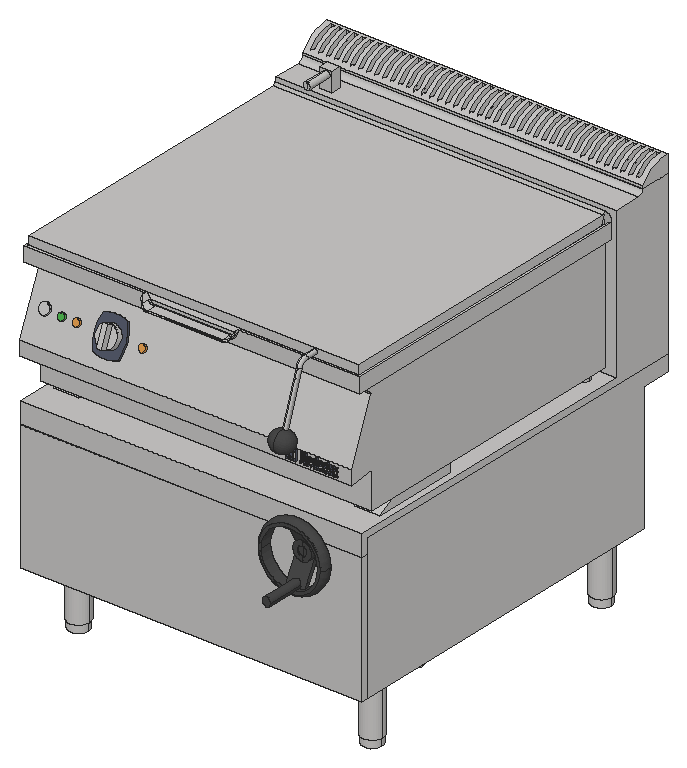
Revit family "QF_ELECTROLUXPROFESSIONAL_391597_E9PPBTBAMEI", category Attrezzature speciali, Revit 2021
Family settings
  Quota connettore circolare = Usa diametro
  Tipo di parte = Normale
  Basato su piano di lavoro = No
  Sempre verticale = Sì
  Taglio con vuoti quando caricato = No
  Condiviso = No
  Punto di calcolo locali = No
Parameters (values of type "Standard")
  Weight = 150.00 kg
  Watts = 100 W
  Volts = 220 V
  URL Manufacturer = "https://www.electroluxprofessional.com/"
  URL = "https://www.electroluxprofessional.com/"
  Steam Supply Size = 0"
  Steam Supply Minimum Pressure = 0.00 psi
  Steam Supply Maximum Pressure = 0.00 psi
  Steam Consumption per Hour = 0
  Show Logo [instance] = yes
  Show Clearance [instance] = yes
  Refrigeration Suction Line Size = 0 mm
  Refrigeration Liquid Line Size = 0 mm
  Refrigerant Compressor Remote = yes
  Prospetto di default = 0 mm
  Phase = 1
  Modello = "E9PPBTBAMEI"
  Produttore = "Electrolux Professional"
  Length Actual = 800 mm  # constant formula
  Item Number = "391597"
  Hot Water Size = 0"
  Height Actual = 850 mm  # constant formula
  HP = "0.1 HP"
  Gas Size = 1/2"
  Gas KW = 21
  Gas Input Pressure = 0.703736 Btu/h
  Direct Waste Size = 0"
  Descrizione = "80LT GAS BRATT PAN DUOMAT BOTTOM-60HZ - QMARK"
  Depth Actual = 930 mm  # constant formula
  Cycle = 60 Hz
  Condensate Return Size = 0"
  Compressed Air Volume = 0 GPM
  Compressed Air Size = 0"
  Compressed Air Pressure = 0.00 psi
  Cold Water Size = 3/4"
  Assembly Code = ""
  Accessory = yes
Reference planes
  plane 1 "BACK": y = 0
  plane 2: z = 0
  plane 3 "LEFT": x = 0
  plane 4 "RIGHT": x = 800
  plane 5 "FRONT": y = -915
  plane 6 "TOP": z = 908
  plane 7 "Center Y": x = 400
  plane 8 "Center X": y = -457.5
  plane 9 "Base": z = 149
  plane 10: z = 502.193
  plane 11: z = 1653
  plane 12: y = -125
  plane 13: y = -799
  plane 14: y = -1034
  plane 15: x = 55
  plane 16: y = -160.853
  plane 17: x = 745
  plane 18: y = -1014
  plane 19: y = -899.182
  plane 20: x = 786
  plane 21: z = 850
  plane 22 "Connection": z = 182
  plane 23: y = -706
  plane 24: x = 265
  plane 25: x = 105
  plane 26: x = 195
  plane 27 "Fume": z = 866.248
Forms (mm)
  Revolve 1, solid, material "QF_Finishes_Stainless Steel"
    sketch origin (0, -125, 0) x (1, 0, 0) y (0, 0, 1)
      loop
        line (55, 0) -> (55, 149) -> (29.6, 149) -> (29.6, 19.05) -> (32.1, 19.05) -> (32.1, 0) -> (55, 0)
      axis (55, 0) -> (55, 149)
    angle from 0 to 360
  Revolve 2, solid, material "QF_Finishes_Stainless Steel"
    sketch origin (0, -799, 0) x (1, 0, 0) y (0, 0, 1)
      loop
        line (55, 0) -> (55, 149) -> (29.6, 149) -> (29.6, 19.05) -> (32.1, 19.05) -> (32.1, 0) -> (55, 0)
      axis (55, 0) -> (55, 149)
    angle from 0 to 360
  Extrusion 3, solid, material "QF_Finishes_Stainless Steel"
    sketch origin (0, -214.682, 0) x (0, 1, 0) y (0, 0, 1)
      loop
        line (214.682, 487.193) -> (214.682, 866.248) -> (143.055, 866.248)
        arc (143.055, 866.248) -> (139.432, 857.502) -> (130.686, 853.88) r 12.368
        line (130.686, 853.88) -> (64.682, 853.88) -> (64.682, 502.193) -> (-684.5, 502.193) -> (-684.5, 452.193) -> (-669.5, 452.193) -> (-669.5, 487.193) -> (214.682, 487.193)
      loop
        line (-669.5, 149) -> (-669.5, 451.193) -> (-684.5, 451.193) -> (-684.5, 149) -> (-669.5, 149)
    from 0 to 800
  Extrusion 4, solid, material "QF_Finishes_Stainless Steel"
    sketch origin (0, -214.682, 0) x (0, 1, 0) y (0, 0, 1)
      loop
        line (44.029, 528.406) -> (44.029, 817.127) -> (-678.5, 817.127) -> (-678.5, 809.681) -> (-643.264, 774.446) -> (-700.318, 641.094) -> (-700.318, 606.094) -> (-640.765, 613.406) -> (-640.765, 528.406) -> (44.029, 528.406)
    from 10 to 790
  Sweep 5, solid, material "QF_Finishes_Stainless Steel"
    path origin (0, -204.882, 145) x (-1, 0, 0) y (0, -1, 0)
      loop
        line (-290, 694.3) -> (-5, 694.3) -> (-5, -44.029) -> (-795, -44.029) -> (-795, 694.3) -> (-510, 694.3)
    profile origin (652.5, -899.182, 145) x (0, -1, 0) y (0, 0, 1)
      loop
        line (-5, 651.359) -> (0, 651.359) -> (0, 685.301) -> (-6, 685.301) -> (-6, 681.062) -> (-5, 681.062) -> (-5, 651.359)
  Extrusion 6, solid, material "QF_Finishes_Stainless Steel"
    sketch origin (0, -214.682, -5) x (0, 1, 0) y (0, 0, 1)
      loop
        line (33.715, 835.301) -> (42.572, 855) -> (-677.138, 855) -> (-677.138, 835.301) -> (33.715, 835.301)
      loop
        arc (64.305, 837.022) -> (57.071, 850.749) -> (45.92, 861.539) r 49.182
        line (45.92, 861.539) -> (39.069, 846.301) -> (45.904, 846.301) -> (45.904, 832.604) -> (64.305, 814.204) -> (64.305, 837.022)
    from 12.363 to 787.637
  Extrusion 7, solid, material "QF_Finishes_Stainless Steel"
    sketch origin (0, -214.682, 0) x (0, 1, 0) y (0, 0, 1)
      loop
        line (-403.818, 528.406) -> (-556.057, 528.406) -> (-609.801, 502.193) -> (-403.818, 502.193) -> (-403.818, 528.406)
    from 16.63 to 76.513
  Extrusion 8, solid, material "QF_Finishes_Stainless Steel"
    sketch origin (0, -207.182, 150) x (-1, 0, 0) y (0, -1, 0)
      loop
        circle (-46.571, -17.496) r 15
      loop
        circle (-753.429, -17.496) r 15
    from 352.193 to 383.406
  Extrusion 9, solid, material "QF_Finishes_Stainless Steel"
    sketch origin (0, -64.682, 0) x (0, 1, 0) y (0, 0, 1)
      loop
        line (-43.387, 853.88) -> (-43.387, 898) -> (-67.444, 898) -> (-67.444, 853.88) -> (-43.387, 853.88)
    from 87.469 to 116.843
  Revolve 10, solid, material "QF_Finishes_Stainless Steel"
    sketch origin (103.25, -64.682, -10) x (0, 1, 0) y (0, 0, 1)
      loop
        line (-67.444, 898.097) -> (-67.444, 906.222) -> (-123.629, 906.222) -> (-123.629, 898.097) -> (-67.444, 898.097)
      axis (-123.629, 898.097) -> (-67.444, 898.097)
    angle from 0 to 360
  Extrusion 11, solid, material "QF_Clearances", visible <- "Show Clearance", detail levels coarse
    sketch origin (0, -214.682, 0) x (1, 0, 0) y (0, 1, 0)
      loop
        line (800, 214.682) -> (800, -700.318) -> (850, -700.318) -> (850, 264.682) -> (-50, 264.682) -> (-50, -700.318) -> (0, -700.318) -> (0, 214.682) -> (800, 214.682)
    from 0 to 908
  Extrusion 12, solid, material "QF_Finishes_Stainless Steel"
    sketch origin (800, 0, 0) x (0, 1, 0) y (0, 0, 1)
      loop
        line (-884.182, 149) -> (-69, 149) -> (-69, 448) -> (0, 448) -> (0, 487.193) -> (-884.182, 487.193) -> (-884.182, 149)
    from 0 to -800
  Revolve 13, solid, material "QF_Finishes_Stainless Steel"
    sketch origin (1000, -125, 0) x (-1, 0, 0) y (0, 0, -1)
      loop
        line (255, 0) -> (232.1, 0) -> (232.1, -19.05) -> (229.6, -19.05) -> (229.6, -149) -> (255, -149) -> (255, 0)
      axis (255, 0) -> (255, -149)
    angle from 0 to 360
  Revolve 14, solid, material "QF_Finishes_Stainless Steel"
    sketch origin (1000, -799, 0) x (-1, 0, 0) y (0, 0, -1)
      loop
        line (255, 0) -> (232.1, 0) -> (232.1, -19.05) -> (229.6, -19.05) -> (229.6, -149) -> (255, -149) -> (255, 0)
      axis (255, 0) -> (255, -149)
    angle from 0 to 360
  Sweep 15, solid, material "QF_Finishes_Stainless Steel"
    path origin (8.84, -214.682, -10) x (0, 1, 0) y (0, 0, 1)
      loop
        line (-677.138, 852.831) -> (-705.492, 852.831)
        arc (-705.492, 852.831) -> (-716.963, 849.214) -> (-724.286, 839.672) r 20
        line (-724.286, 839.672) -> (-765.322, 726.924)
    profile origin (8.84, -905.997, 842.831) x (0, 0, -1) y (1, 0, 0)
      loop
        circle (0, 676.16) r 5
  Revolve 16, solid, material "QF_Finishes_Black"
    sketch origin (685, -194.682, 0) x (0, 1, 0) y (0, 0, 1)
      loop
        line (-785.322, 716.924) -> (-792.738, 719.623)
        arc (-792.738, 719.623) -> (-818.978, 701.075) -> (-800.713, 674.638) r 22.845
        line (-800.713, 674.638) -> (-785.322, 716.924)
      axis (-785.322, 716.924) -> (-800.713, 674.638)
    angle from 0 to 360
  Extrusion 17, solid, material "QF_Finishes_Stainless Steel"
    sketch origin (800, -69, 149) x (-1, 0, 0) y (0, 1, 0)
      loop
        circle (14, -649.182) r 12.7
    from 0 to 5
  Extrusion 18, solid, material "QF_Finishes_Stainless Steel"
    sketch origin (-3.75, -899.182, 149) x (0, 0, 1) y (-1, 0, 0)
      loop
        circle (289.443, -688.75) r 30
    from 0 to 5
  Extrusion 19, solid, material "QF_Finishes_Stainless Steel"
    sketch origin (800, -214.682, 0) x (0, 1, 0) y (0, 0, -1)
      loop
        line (-403.818, -528.406) -> (-403.818, -502.193) -> (-609.801, -502.193) -> (-556.057, -528.406) -> (-403.818, -528.406)
    from 16.63 to 76.513
  Extrusion 20, solid, material "QF_Finishes_Stainless Steel"
    sketch origin (0, 0, 182) x (-1, 0, 0) y (0, -1, 0)
      loop
        circle (-105, 706) r 6.35
    from 0 to 45
  Extrusion 21, solid, material "QF_Finishes_Stainless Steel"
    sketch origin (21.213, 21.213, 182) x (-1, 0, 0) y (0, -1, 0)
      loop
        circle (-173.787, 719.213) r 6.35
    from 0 to 45
  Extrusion 22, solid, material "QF_Finishes_Stainless Steel"
    sketch origin (130, 0, 182) x (-1, 0, 0) y (0, -1, 0)
      loop
        circle (-135, 706) r 6.35
    from 0 to 45
  Revolve 23, solid, material "QF_Finishes_Black"
    sketch origin (685, -200.682, -28.57) x (0, 1, 0) y (0, 0, 1)
      loop
        line (-698.5, 467.193) -> (-698.5, 477.193) -> (-713.5, 477.193) -> (-713.5, 482.193) -> (-718.5, 482.193) -> (-718.5, 489.514) -> (-728.5, 489.514) -> (-728.5, 478.353) -> (-727.138, 478.353) -> (-727.138, 467.193) -> (-698.5, 467.193)
      axis (-698.5, 467.193) -> (-728.5, 467.193)
    angle from 0 to 360
  Sweep 24, solid, material "QF_Finishes_Black"
    path origin (10, -200.682, -28.57) x (1, 0, 0) y (0, 0, 1)
      loop
        circle (675, 467.193) r 80
    profile origin (685, -200.682, 518.623) x (0, 0, -1) y (0, -1, 0)
      loop
        arc (7.394, 765.784) -> (0.586, 756.102) -> (1.641, 744.313) r 17.21
        line (1.641, 744.313) -> (7.394, 740.784) -> (14.116, 740.784) -> (14.116, 765.784) -> (7.394, 765.784)
  Extrusion 25, solid, material "QF_Finishes_Black"
    sketch origin (10, -200.682, -28.57) x (0, 1, 0) y (0, 0, 1)
      loop
        line (-713.5, 457.193) -> (-713.5, 477.193) -> (-744.313, 533.065) -> (-751.622, 533.065) -> (-719.104, 474.103) -> (-719.104, 460.284) -> (-751.622, 401.321) -> (-744.313, 401.321) -> (-713.5, 457.193)
    from 654.029 to 698.392
  Extrusion 26, solid, material "QF_Finishes_Black"
    sketch origin (10, -200.682, -28.57) x (1, 0, 0) y (0, 0, 1)
      loop
        circle (675, 406.31) r 10
    from 742.86 to 833.318
  Extrusion 27, solid, material "QF_Finishes_Stainless Steel"
    sketch origin (0, -201.682, -15.905) x (1, 0, 0) y (0, 0, 1)
      loop
        line (509.996, 839.805) -> (509.996, 846.205) -> (502.677, 833.527)
        arc (502.677, 833.527) -> (496.674, 827.524) -> (488.474, 825.327) r 16.4
        line (488.474, 825.327) -> (311.526, 825.327)
        arc (311.526, 825.327) -> (303.32, 827.526) -> (297.312, 833.534) r 16.413
        line (297.312, 833.534) -> (289.996, 846.205) -> (289.996, 839.805) -> (294.541, 831.934)
        arc (294.541, 831.934) -> (301.72, 824.755) -> (311.526, 822.127) r 19.613
        line (311.526, 822.127) -> (488.474, 822.127)
        arc (488.474, 822.127) -> (498.274, 824.753) -> (505.448, 831.927) r 19.6
        line (505.448, 831.927) -> (509.996, 839.805)
    from 697.5 to 717.595
  Extrusion 28, void
    sketch origin (900, 188.397, 1219.2) x (0, -1, 0) y (0, 0, 1)
      loop
        line (1110.167, -415.736) -> (1110.167, -387.945) -> (1093.05, -387.945) -> (1110.167, -415.736)
    from 390 to 610
  Extrusion 29, solid, material "QF_Finishes_Navy Blue"
    sketch origin (-55.546, -1052.067, 320.727) x (0, 0.393353, 0.919387) y (-1, 0, 0)
      loop
        arc (453.989, -230.321) -> (416.907, -221.34) -> (379.375, -228.202) r 91.844
        arc (379.375, -228.202) -> (372.249, -258.844) -> (379.375, -289.487) r 69.441
        arc (379.375, -289.487) -> (416.897, -296.198) -> (453.989, -287.419) r 93.759
        arc (453.989, -287.419) -> (460.218, -258.87) -> (453.989, -230.321) r 68.543
    from 0 to 3.175
  Extrusion 30, solid, material "QF_Finishes_Orange"
    sketch origin (9.372, -901.482, 672.689) x (0, 0.393353, 0.919387) y (-1, 0, 0)
      loop
        circle (34.513, -113.251) r 8
    from 0 to 3.175
  Extrusion 31, solid, material "QF_Finishes_Green"
    sketch origin (14.068, -901.51, 672.624) x (0, 0.393353, 0.919387) y (-1, 0, 0)
      loop
        circle (34.513, -73.251) r 8
    from 0 to 3.175
  Extrusion 32, solid, material "QF_Finishes_Stainless Steel"
    sketch origin (-159.296, -918.156, 641.79) x (0, 0.393353, 0.919387) y (-1, 0, 0)
      loop
        circle (68.826, -362.213) r 25.4
    from 0 to 12.7
  Extrusion 33, solid, material "QF_Finishes_Stainless Steel"
    sketch origin (-159.296, -929.832, 646.786) x (0, 0.393353, 0.919387) y (-1, 0, 0)
      loop
        arc (93.558, -367.999) -> (94.226, -362.213) -> (93.558, -356.427) r 25.4
        line (93.558, -356.427) -> (44.094, -356.427)
        arc (44.094, -356.427) -> (43.426, -362.213) -> (44.094, -367.999) r 25.4
        line (44.094, -367.999) -> (93.558, -367.999)
    from 0 to 12.7
  Extrusion 34, solid, material "QF_Finishes_Stainless Steel"
    sketch origin (10.937, -915, 641.094) x (0, 0.393353, 0.919387) y (-1, 0, 0)
      loop
        circle (71.473, -36.635) r 12.7
    from 0 to 3.2
  Extrusion 35, solid, material "QF_Finishes_Orange"
    sketch origin (164.372, -901.482, 672.689) x (0, 0.393353, 0.919387) y (-1, 0, 0)
      loop
        circle (34.513, -113.251) r 8
    from 0 to 3.175
  Extrusion 36, solid, material "QF_Clearances", visible <- "Show Clearance", detail levels coarse
    sketch origin (0, -996.643, 709.193) x (0, 0.238373, -0.971174) y (0, 0.971174, 0.238373)
      loop
        line (33.715, 835.301) -> (42.572, 855) -> (-677.138, 855) -> (-677.138, 835.301) -> (33.715, 835.301)
      loop
        arc (64.305, 837.022) -> (57.071, 850.749) -> (45.92, 861.539) r 49.182
        line (45.92, 861.539) -> (39.069, 846.301) -> (45.904, 846.301) -> (45.904, 832.604) -> (64.305, 814.204) -> (64.305, 837.022)
    from 12.363 to 787.637
  Sweep 37, solid, material "QF_Clearances", visible <- "Show Clearance", detail levels coarse
    path origin (8.84, -1001.499, 708.002) x (0, 0.238373, -0.971174) y (0, 0.971174, 0.238373)
      loop
        line (-677.138, 852.831) -> (-705.492, 852.831)
        arc (-705.492, 852.831) -> (-716.963, 849.214) -> (-724.286, 839.672) r 20
        line (-724.286, 839.672) -> (-765.322, 726.924)
    profile origin (8.84, -338.043, 1582.68) x (0, -0.971174, -0.238373) y (1, 0, 0)
      loop
        circle (0, 676.16) r 5
  Revolve 38, solid, material "QF_Clearances", visible <- "Show Clearance", detail levels coarse
    sketch origin (685, -987.02, 690.962) x (0, 0.238373, -0.971174) y (0, 0.971174, 0.238373)
      loop
        line (-785.322, 716.924) -> (-792.738, 719.623)
        arc (-792.738, 719.623) -> (-818.978, 701.075) -> (-800.713, 674.638) r 22.845
        line (-800.713, 674.638) -> (-785.322, 716.924)
      axis (-785.322, 716.924) -> (-800.713, 674.638)
    angle from 0 to 360
  Extrusion 39, solid, material "QF_Finishes_Navy Blue", visible <- "Show Logo"
    sketch origin (486.175, -915, 608.853) x (0, 0, 1) y (-1, 0, 0)
      loop
        line (26.951, -165.54) -> (5.387, -165.54)
        arc (5.387, -165.54) -> (16.169, -173.512) -> (26.951, -165.54) r 11.278
      loop
        arc (26.951, -164.444) -> (24.913, -155.475) -> (16.794, -151.154) r 11.052
        line (16.794, -151.154) -> (16.794, -154.722)
        arc (16.794, -154.722) -> (19.381, -161.095) -> (25.39, -164.444) r 10.359
        line (25.39, -164.444) -> (26.951, -164.444)
      loop
        arc (6.948, -164.444) -> (12.957, -161.095) -> (15.544, -154.722) r 10.359
        line (15.544, -154.722) -> (15.544, -151.154)
        arc (15.544, -151.154) -> (7.358, -155.468) -> (5.11, -164.444) r 11.341
        line (5.11, -164.444) -> (6.948, -164.444)
      loop
        line (28.128, -150.336) -> (4.161, -150.336) -> (4.161, -174.336) -> (28.128, -174.336) -> (28.128, -150.336)
      loop
        spline (16.361, -188.464) -> (16.369, -188.263) -> (16.397, -188.049) -> (16.447, -187.828) -> (16.523, -187.605) -> (16.628, -187.386) -> (16.766, -187.177) -> (16.939, -186.985) -> (17.152, -186.814) -> (17.407, -186.671) -> (17.709, -186.562) -> (18.059, -186.492) -> (18.462, -186.467)
        line (18.462, -186.467) -> (20.251, -186.467) -> (20.251, -192.37) -> (22.531, -192.37) -> (22.531, -186.466) -> (25.85, -186.466) -> (25.85, -192.746) -> (28.124, -192.746) -> (28.124, -184.05) -> (18.566, -184.05)
        spline (18.566, -184.05) -> (17.978, -184.071) -> (17.424, -184.137) -> (16.905, -184.248) -> (16.424, -184.406) -> (15.983, -184.612) -> (15.583, -184.866) -> (15.226, -185.171) -> (14.914, -185.528) -> (14.649, -185.937) -> (14.434, -186.401) -> (14.269, -186.919) -> (14.157, -187.495)
        line (14.157, -187.495) -> (14.089, -188.444) -> (14.089, -192.915) -> (16.361, -192.915) -> (16.361, -188.464)
      loop
        line (21.492, -194.632) -> (14.086, -194.632) -> (14.086, -197.049) -> (28.128, -197.049) -> (28.128, -194.632) -> (21.492, -194.632)
      loop
        spline (18.571, -208.979) -> (19.331, -208.995) -> (20.067, -208.922) -> (20.77, -208.763) -> (21.436, -208.522) -> (22.055, -208.2) -> (22.623, -207.802) -> (23.132, -207.331) -> (23.576, -206.789) -> (23.947, -206.18) -> (24.24, -205.507) -> (24.447, -204.772) -> (24.561, -203.98)
        spline (24.561, -203.98) -> (24.517, -203.228) -> (24.388, -202.513) -> (24.178, -201.84) -> (23.889, -201.216) -> (23.524, -200.646) -> (23.088, -200.134) -> (22.582, -199.687) -> (22.011, -199.309) -> (21.378, -199.005) -> (20.686, -198.782) -> (19.937, -198.644) -> (19.137, -198.597)
        spline (19.137, -198.597) -> (18.356, -198.643) -> (17.626, -198.777) -> (16.949, -198.995) -> (16.331, -199.293) -> (15.772, -199.666) -> (15.278, -200.111) -> (14.851, -200.623) -> (14.494, -201.198) -> (14.211, -201.832) -> (14.005, -202.519) -> (13.878, -203.257) -> (13.836, -204.041)
        spline (13.836, -204.041) -> (13.845, -204.424) -> (13.874, -204.802) -> (13.924, -205.175) -> (13.997, -205.545) -> (14.096, -205.909) -> (14.223, -206.27) -> (14.378, -206.625) -> (14.564, -206.976) -> (14.783, -207.322) -> (15.037, -207.664) -> (15.328, -208) -> (15.657, -208.331)
        line (15.657, -208.331) -> (17.073, -206.874)
        spline (17.073, -206.874) -> (16.889, -206.682) -> (16.719, -206.489) -> (16.566, -206.293) -> (16.427, -206.093) -> (16.305, -205.887) -> (16.198, -205.673) -> (16.108, -205.449) -> (16.033, -205.213) -> (15.975, -204.965) -> (15.933, -204.701) -> (15.908, -204.421) -> (15.9, -204.122)
        spline (15.9, -204.122) -> (15.921, -203.685) -> (15.985, -203.275) -> (16.089, -202.893) -> (16.233, -202.542) -> (16.413, -202.224) -> (16.628, -201.939) -> (16.878, -201.691) -> (17.159, -201.479) -> (17.471, -201.308) -> (17.811, -201.177) -> (18.178, -201.089) -> (18.571, -201.046)
        line (18.571, -201.046) -> (18.571, -208.979)
      loop
        spline (20.271, -206.55) -> (20.57, -206.527) -> (20.857, -206.458) -> (21.131, -206.348) -> (21.387, -206.199) -> (21.624, -206.014) -> (21.839, -205.797) -> (22.028, -205.55) -> (22.189, -205.276) -> (22.32, -204.98) -> (22.416, -204.663) -> (22.476, -204.329) -> (22.497, -203.98)
        spline (22.497, -203.98) -> (22.476, -203.607) -> (22.417, -203.248) -> (22.322, -202.905) -> (22.194, -202.584) -> (22.034, -202.285) -> (21.847, -202.013) -> (21.633, -201.77) -> (21.396, -201.56) -> (21.139, -201.385) -> (20.864, -201.25) -> (20.574, -201.156) -> (20.271, -201.107)
        line (20.271, -201.107) -> (20.271, -206.55)
      loop
        spline (19.198, -212.675) -> (19.648, -212.703) -> (20.074, -212.784) -> (20.475, -212.915) -> (20.846, -213.093) -> (21.184, -213.314) -> (21.487, -213.576) -> (21.752, -213.875) -> (21.976, -214.207) -> (22.155, -214.571) -> (22.286, -214.961) -> (22.368, -215.376) -> (22.395, -215.812)
        spline (22.395, -215.812) -> (22.387, -216.079) -> (22.362, -216.336) -> (22.321, -216.581) -> (22.264, -216.816) -> (22.192, -217.042) -> (22.105, -217.259) -> (22.002, -217.467) -> (21.886, -217.668) -> (21.755, -217.861) -> (21.611, -218.047) -> (21.453, -218.228) -> (21.283, -218.402)
        line (21.283, -218.402) -> (22.841, -219.9)
        spline (22.841, -219.9) -> (23.139, -219.602) -> (23.407, -219.295) -> (23.645, -218.979) -> (23.855, -218.656) -> (24.037, -218.324) -> (24.192, -217.985) -> (24.32, -217.639) -> (24.424, -217.286) -> (24.503, -216.926) -> (24.558, -216.56) -> (24.591, -216.189) -> (24.601, -215.812)
        spline (24.601, -215.812) -> (24.555, -215.057) -> (24.418, -214.333) -> (24.195, -213.648) -> (23.893, -213.008) -> (23.516, -212.418) -> (23.068, -211.886) -> (22.556, -211.419) -> (21.984, -211.021) -> (21.357, -210.701) -> (20.681, -210.465) -> (19.959, -210.318) -> (19.198, -210.268)
        spline (19.198, -210.268) -> (18.437, -210.318) -> (17.716, -210.465) -> (17.039, -210.701) -> (16.412, -211.021) -> (15.84, -211.419) -> (15.328, -211.886) -> (14.881, -212.418) -> (14.503, -213.008) -> (14.201, -213.648) -> (13.979, -214.333) -> (13.842, -215.057) -> (13.795, -215.812)
        spline (13.795, -215.812) -> (13.806, -216.189) -> (13.838, -216.56) -> (13.894, -216.926) -> (13.973, -217.286) -> (14.076, -217.639) -> (14.205, -217.985) -> (14.36, -218.324) -> (14.542, -218.656) -> (14.751, -218.979) -> (14.99, -219.295) -> (15.257, -219.602) -> (15.556, -219.9)
        line (15.556, -219.9) -> (17.114, -218.402)
        spline (17.114, -218.402) -> (16.943, -218.228) -> (16.786, -218.047) -> (16.641, -217.861) -> (16.511, -217.668) -> (16.394, -217.467) -> (16.292, -217.259) -> (16.204, -217.042) -> (16.132, -216.816) -> (16.075, -216.581) -> (16.034, -216.336) -> (16.009, -216.079) -> (16.001, -215.812)
        spline (16.001, -215.812) -> (16.029, -215.376) -> (16.11, -214.961) -> (16.242, -214.571) -> (16.421, -214.207) -> (16.644, -213.875) -> (16.909, -213.576) -> (17.212, -213.314) -> (17.551, -213.093) -> (17.922, -212.915) -> (18.322, -212.784) -> (18.748, -212.703) -> (19.198, -212.675)
      loop
        spline (16.358, -226.063) -> (16.354, -225.85) -> (16.37, -225.622) -> (16.41, -225.384) -> (16.477, -225.143) -> (16.575, -224.905) -> (16.708, -224.675) -> (16.88, -224.461) -> (17.095, -224.267) -> (17.357, -224.1) -> (17.669, -223.965) -> (18.036, -223.87) -> (18.462, -223.819)
        line (18.462, -223.819) -> (22.044, -223.819) -> (22.044, -226.018) -> (24.24, -226.018) -> (24.24, -223.822) -> (28.128, -223.822) -> (28.128, -221.405) -> (18.325, -221.405)
        spline (18.325, -221.405) -> (17.756, -221.457) -> (17.221, -221.55) -> (16.722, -221.687) -> (16.26, -221.867) -> (15.838, -222.093) -> (15.456, -222.365) -> (15.118, -222.685) -> (14.824, -223.053) -> (14.577, -223.471) -> (14.378, -223.94) -> (14.229, -224.46) -> (14.132, -225.034)
        line (14.132, -225.034) -> (14.086, -226.054) -> (16.358, -226.063)
      loop
        spline (24.381, -234.197) -> (24.407, -233.778) -> (24.399, -233.376) -> (24.36, -232.99) -> (24.289, -232.622) -> (24.188, -232.273) -> (24.058, -231.943) -> (23.901, -231.635) -> (23.716, -231.349) -> (23.505, -231.087) -> (23.27, -230.849) -> (23.011, -230.636) -> (22.73, -230.45)
        line (22.73, -230.45) -> (24.24, -230.45) -> (24.24, -228.052) -> (14.086, -228.052) -> (14.086, -230.45) -> (19.425, -230.45)
        spline (19.425, -230.45) -> (19.83, -230.472) -> (20.207, -230.537) -> (20.555, -230.643) -> (20.873, -230.788) -> (21.159, -230.972) -> (21.412, -231.192) -> (21.63, -231.448) -> (21.811, -231.736) -> (21.955, -232.056) -> (22.059, -232.406) -> (22.123, -232.784) -> (22.145, -233.189)
        line (22.145, -233.189) -> (22.044, -234.197) -> (24.381, -234.197)
      loop
        spline (19.163, -245.648) -> (19.908, -245.597) -> (20.618, -245.45) -> (21.287, -245.212) -> (21.909, -244.892) -> (22.48, -244.494) -> (22.993, -244.026) -> (23.443, -243.494) -> (23.823, -242.904) -> (24.129, -242.265) -> (24.354, -241.581) -> (24.494, -240.86) -> (24.542, -240.108)
        spline (24.542, -240.108) -> (24.494, -239.351) -> (24.354, -238.627) -> (24.129, -237.941) -> (23.823, -237.301) -> (23.443, -236.712) -> (22.993, -236.181) -> (22.48, -235.714) -> (21.909, -235.318) -> (21.287, -234.999) -> (20.618, -234.763) -> (19.908, -234.617) -> (19.163, -234.567)
        spline (19.163, -234.567) -> (18.418, -234.617) -> (17.708, -234.763) -> (17.039, -234.999) -> (16.417, -235.318) -> (15.846, -235.714) -> (15.333, -236.181) -> (14.883, -236.712) -> (14.502, -237.301) -> (14.197, -237.941) -> (13.971, -238.627) -> (13.831, -239.351) -> (13.784, -240.108)
        spline (13.784, -240.108) -> (13.831, -240.86) -> (13.971, -241.581) -> (14.197, -242.265) -> (14.502, -242.904) -> (14.883, -243.494) -> (15.333, -244.026) -> (15.846, -244.494) -> (16.417, -244.892) -> (17.039, -245.212) -> (17.708, -245.45) -> (18.418, -245.597) -> (19.163, -245.648)
      loop
        spline (19.163, -243.25) -> (19.602, -243.222) -> (20.021, -243.14) -> (20.417, -243.008) -> (20.785, -242.829) -> (21.123, -242.606) -> (21.427, -242.344) -> (21.693, -242.044) -> (21.919, -241.71) -> (22.101, -241.347) -> (22.235, -240.956) -> (22.318, -240.542) -> (22.346, -240.108)
        spline (22.346, -240.108) -> (22.318, -239.669) -> (22.235, -239.252) -> (22.101, -238.86) -> (21.919, -238.496) -> (21.693, -238.163) -> (21.427, -237.864) -> (21.123, -237.602) -> (20.785, -237.381) -> (20.417, -237.204) -> (20.021, -237.073) -> (19.602, -236.993) -> (19.163, -236.965)
        spline (19.163, -236.965) -> (18.723, -236.993) -> (18.304, -237.073) -> (17.909, -237.204) -> (17.541, -237.381) -> (17.203, -237.602) -> (16.899, -237.864) -> (16.632, -238.163) -> (16.406, -238.496) -> (16.225, -238.86) -> (16.091, -239.252) -> (16.008, -239.669) -> (15.979, -240.108)
        spline (15.979, -240.108) -> (16.008, -240.542) -> (16.091, -240.956) -> (16.225, -241.347) -> (16.406, -241.71) -> (16.632, -242.044) -> (16.899, -242.344) -> (17.203, -242.606) -> (17.541, -242.829) -> (17.909, -243.008) -> (18.304, -243.14) -> (18.723, -243.222) -> (19.163, -243.25)
      loop
        line (21.735, -247.134) -> (14.086, -247.134) -> (14.086, -249.553) -> (28.128, -249.553) -> (28.128, -247.134) -> (21.735, -247.134)
      loop
        line (24.24, -258.272) -> (18.337, -258.272)
        spline (18.337, -258.272) -> (17.953, -258.252) -> (17.607, -258.196) -> (17.298, -258.104) -> (17.025, -257.979) -> (16.788, -257.824) -> (16.584, -257.639) -> (16.415, -257.429) -> (16.277, -257.194) -> (16.172, -256.937) -> (16.098, -256.66) -> (16.054, -256.365) -> (16.04, -256.055)
        spline (16.04, -256.055) -> (16.054, -255.745) -> (16.098, -255.45) -> (16.172, -255.173) -> (16.277, -254.916) -> (16.413, -254.682) -> (16.582, -254.471) -> (16.784, -254.287) -> (17.019, -254.132) -> (17.29, -254.007) -> (17.595, -253.915) -> (17.937, -253.859) -> (18.316, -253.839)
        line (18.316, -253.839) -> (24.24, -253.839) -> (24.24, -251.401) -> (18.115, -251.401)
        spline (18.115, -251.401) -> (17.421, -251.445) -> (16.79, -251.57) -> (16.22, -251.771) -> (15.713, -252.043) -> (15.267, -252.379) -> (14.881, -252.774) -> (14.556, -253.221) -> (14.292, -253.715) -> (14.086, -254.249) -> (13.94, -254.818) -> (13.853, -255.415) -> (13.824, -256.035)
        spline (13.824, -256.035) -> (13.853, -256.661) -> (13.942, -257.263) -> (14.09, -257.836) -> (14.298, -258.375) -> (14.567, -258.873) -> (14.896, -259.324) -> (15.287, -259.722) -> (15.74, -260.061) -> (16.254, -260.335) -> (16.832, -260.538) -> (17.472, -260.665) -> (18.176, -260.708)
        line (18.176, -260.708) -> (24.24, -260.708) -> (24.24, -258.272)
      loop
        line (17.333, -269.856) -> (19.465, -268.331) -> (22.037, -270.219) -> (24.239, -271.836) -> (24.239, -269.197) -> (21.197, -267) -> (24.239, -264.785) -> (24.239, -262.166) -> (22.185, -263.668) -> (19.445, -265.671) -> (16.52, -263.571) -> (14.086, -261.823) -> (14.086, -264.422) -> (17.672, -267) -> (14.086, -269.579) -> (14.086, -272.178) -> (17.333, -269.856)
      loop
        line (9.015, -185.409) -> (9.015, -183.539) -> (4.161, -183.539) -> (4.161, -184.537) -> (5.806, -184.537) -> (5.806, -185.409)
        arc (5.806, -185.409) -> (7.41, -187.014) -> (9.015, -185.409) r 1.605
      loop
        arc (6.731, -185.476) -> (7.41, -186.056) -> (8.089, -185.476) r 0.687
        line (8.089, -185.476) -> (8.089, -184.537) -> (6.731, -184.537) -> (6.731, -185.476)
      loop
        line (9.015, -193.025) -> (9.015, -191.122) -> (4.161, -191.122) -> (4.161, -192.12) -> (5.833, -192.12) -> (5.833, -192.986) -> (4.161, -193.838) -> (4.161, -194.971) -> (6.078, -193.806)
        arc (6.078, -193.806) -> (6.645, -194.415) -> (7.45, -194.627) r 1.499
        arc (7.45, -194.627) -> (8.559, -194.145) -> (9.015, -193.025) r 1.602
      loop
        line (8.097, -193.005) -> (8.097, -192.12) -> (6.743, -192.12) -> (6.743, -193.005)
        arc (6.743, -193.005) -> (7.42, -193.556) -> (8.097, -193.005) r 0.691
      loop
        circle (6.588, -201.168) r 2.521
      loop
        circle (6.588, -201.168) r 1.6
      loop
        line (9.015, -207.864) -> (4.161, -207.864) -> (4.161, -208.862) -> (6.156, -208.862) -> (6.156, -210.689) -> (7.073, -210.689) -> (7.073, -208.862) -> (8.098, -208.862) -> (8.098, -210.864) -> (9.015, -210.864) -> (9.015, -207.864)
      loop
        line (9.015, -214.982) -> (5.735, -214.982)
        arc (5.735, -214.982) -> (4.623, -215.429) -> (4.161, -216.535) r 1.554
        line (4.161, -216.535) -> (4.161, -218.103) -> (5.078, -218.103) -> (5.078, -216.944)
        arc (5.078, -216.944) -> (5.427, -216.196) -> (6.223, -215.98) r 0.979
        line (6.223, -215.98) -> (6.223, -217.921) -> (7.141, -217.921) -> (7.141, -215.98) -> (8.098, -215.98) -> (8.098, -218.056) -> (9.015, -218.056) -> (9.015, -214.982)
      loop
        line (7.742, -224.632) -> (8.234, -225.349)
        arc (8.234, -225.349) -> (8.882, -224.684) -> (9.095, -223.78) r 1.738
        arc (9.095, -223.78) -> (8.894, -222.994) -> (8.386, -222.36) r 1.926
        arc (8.386, -222.36) -> (7.749, -222.275) -> (7.12, -222.404) r 1.936
        arc (7.12, -222.404) -> (6.653, -222.836) -> (6.356, -223.4) r 1.881
        arc (6.356, -223.4) -> (6.185, -223.835) -> (5.972, -224.252) r 4.917
        arc (5.972, -224.252) -> (5.357, -224.498) -> (4.996, -223.943) r 0.523
        arc (4.996, -223.943) -> (5.232, -223.24) -> (5.739, -222.7) r 1.738
        line (5.739, -222.7) -> (5.26, -221.938)
        arc (5.26, -221.938) -> (4.761, -222.24) -> (4.38, -222.681) r 1.867
        arc (4.38, -222.681) -> (4.141, -223.241) -> (4.08, -223.846) r 2.013
        arc (4.08, -223.846) -> (4.229, -224.594) -> (4.587, -225.268) r 2.629
        arc (4.587, -225.268) -> (5.379, -225.566) -> (6.211, -225.413) r 1.579
        arc (6.211, -225.413) -> (6.594, -225.08) -> (6.872, -224.656) r 1.83
        arc (6.872, -224.656) -> (7.111, -224.119) -> (7.318, -223.568) r 9.64
        arc (7.318, -223.568) -> (7.812, -223.25) -> (8.179, -223.71) r 0.439
        arc (8.179, -223.71) -> (8.066, -224.221) -> (7.742, -224.632) r 1.168
      loop
        line (9.015, -237.028) -> (4.161, -237.028) -> (4.161, -238.027) -> (9.015, -238.027) -> (9.015, -237.028)
      loop
        circle (6.588, -244.756) r 1.51
      loop
        circle (6.588, -244.756) r 2.521
      loop
        line (4.161, -251.452) -> (4.161, -252.461) -> (7.213, -252.461) -> (4.161, -254.682) -> (4.161, -255.652) -> (9.015, -255.652) -> (9.015, -254.644) -> (5.87, -254.644) -> (9.015, -252.423) -> (9.015, -251.452) -> (4.161, -251.452)
      loop
        line (4.161, -260.684) -> (5.208, -261.157) -> (5.208, -262.953) -> (4.161, -263.425) -> (4.161, -264.498) -> (9.015, -262.025) -> (4.161, -259.613) -> (4.161, -260.684)
      loop
        line (7.2, -262.055) -> (6.204, -261.605) -> (6.204, -262.505) -> (7.2, -262.055)
      loop
        line (5.078, -269.456) -> (9.015, -269.456) -> (9.015, -268.457) -> (4.161, -268.457) -> (4.161, -271.322) -> (5.078, -271.322) -> (5.078, -269.456)
      loop
        line (7.742, -231.965) -> (8.234, -232.682)
        arc (8.234, -232.682) -> (8.882, -232.017) -> (9.095, -231.114) r 1.738
        arc (9.095, -231.114) -> (8.894, -230.327) -> (8.386, -229.693) r 1.926
        arc (8.386, -229.693) -> (7.749, -229.609) -> (7.12, -229.737) r 1.936
        arc (7.12, -229.737) -> (6.653, -230.169) -> (6.356, -230.733) r 1.881
        arc (6.356, -230.733) -> (6.185, -231.168) -> (5.972, -231.586) r 4.917
        arc (5.972, -231.586) -> (5.357, -231.831) -> (4.996, -231.276) r 0.523
        arc (4.996, -231.276) -> (5.232, -230.573) -> (5.739, -230.033) r 1.738
        line (5.739, -230.033) -> (5.26, -229.271)
        arc (5.26, -229.271) -> (4.761, -229.573) -> (4.38, -230.015) r 1.867
        arc (4.38, -230.015) -> (4.141, -230.574) -> (4.08, -231.179) r 2.013
        arc (4.08, -231.179) -> (4.229, -231.928) -> (4.587, -232.602) r 2.629
        arc (4.587, -232.602) -> (5.379, -232.899) -> (6.211, -232.746) r 1.579
        arc (6.211, -232.746) -> (6.594, -232.414) -> (6.872, -231.989) r 1.83
        arc (6.872, -231.989) -> (7.111, -231.452) -> (7.318, -230.901) r 9.64
        arc (7.318, -230.901) -> (7.812, -230.583) -> (8.179, -231.043) r 0.439
        arc (8.179, -231.043) -> (8.066, -231.554) -> (7.742, -231.965) r 1.168
    from 0 to 1.644
  Extrusion 40, solid, material "QF_Finishes_Stainless Steel"
    sketch origin (290, -899.182, 830.301) x (-1, 0, 0) y (0, 0, -1)
      loop
        line (0.004, 33.941) -> (-220, 33.941) -> (-220, -0.006) -> (-212.677, 12.678)
        arc (-212.677, 12.678) -> (-206.674, 18.681) -> (-198.474, 20.878) r 16.4
        line (-198.474, 20.878) -> (-21.526, 20.878)
        arc (-21.526, 20.878) -> (-13.32, 18.679) -> (-7.312, 12.672) r 16.413
        line (-7.312, 12.672) -> (0.004, 0) -> (0.004, 33.941)
    from 0 to -6
  Extrusion 41, void
    sketch origin (26.231, -0.008, 866.248) x (-1, 0, 0) y (0, -1, 0)
      loop
        line (-295.005, 6.761) -> (-285.709, 6.761) -> (-285.709, 63.911) -> (-295.005, 63.911) -> (-295.005, 6.761)
      loop
        line (-313.697, 6.761) -> (-304.401, 6.761) -> (-304.401, 63.911) -> (-313.697, 63.911) -> (-313.697, 6.761)
      loop
        line (-332.39, 6.761) -> (-323.094, 6.761) -> (-323.094, 63.911) -> (-332.39, 63.911) -> (-332.39, 6.761)
      loop
        line (-351.082, 6.761) -> (-341.787, 6.761) -> (-341.787, 63.911) -> (-351.082, 63.911) -> (-351.082, 6.761)
      loop
        line (-369.775, 6.761) -> (-360.479, 6.761) -> (-360.479, 63.911) -> (-369.775, 63.911) -> (-369.775, 6.761)
      loop
        line (-388.468, 6.761) -> (-379.172, 6.761) -> (-379.172, 63.911) -> (-388.468, 63.911) -> (-388.468, 6.761)
      loop
        line (-407.16, 6.761) -> (-397.864, 6.761) -> (-397.864, 63.911) -> (-407.16, 63.911) -> (-407.16, 6.761)
      loop
        line (-425.853, 6.761) -> (-416.557, 6.761) -> (-416.557, 63.911) -> (-425.853, 63.911) -> (-425.853, 6.761)
      loop
        line (-444.545, 6.761) -> (-435.25, 6.761) -> (-435.25, 63.911) -> (-444.545, 63.911) -> (-444.545, 6.761)
      loop
        line (-463.238, 6.761) -> (-453.942, 6.761) -> (-453.942, 63.911) -> (-463.238, 63.911) -> (-463.238, 6.761)
      loop
        line (-481.931, 6.761) -> (-472.635, 6.761) -> (-472.635, 63.911) -> (-481.931, 63.911) -> (-481.931, 6.761)
      loop
        line (-500.623, 6.761) -> (-491.328, 6.761) -> (-491.328, 63.911) -> (-500.623, 63.911) -> (-500.623, 6.761)
      loop
        line (-519.316, 6.761) -> (-510.02, 6.761) -> (-510.02, 63.911) -> (-519.316, 63.911) -> (-519.316, 6.761)
      loop
        line (-538.008, 6.761) -> (-528.713, 6.761) -> (-528.713, 63.911) -> (-538.008, 63.911) -> (-538.008, 6.761)
      loop
        line (-556.701, 6.761) -> (-547.405, 6.761) -> (-547.405, 63.911) -> (-556.701, 63.911) -> (-556.701, 6.761)
      loop
        line (-575.394, 6.761) -> (-566.098, 6.761) -> (-566.098, 63.911) -> (-575.394, 63.911) -> (-575.394, 6.761)
      loop
        line (-594.086, 6.761) -> (-584.791, 6.761) -> (-584.791, 63.911) -> (-594.086, 63.911) -> (-594.086, 6.761)
      loop
        line (-612.779, 6.761) -> (-603.483, 6.761) -> (-603.483, 63.911) -> (-612.779, 63.911) -> (-612.779, 6.761)
      loop
        line (-631.472, 6.761) -> (-622.176, 6.761) -> (-622.176, 63.911) -> (-631.472, 63.911) -> (-631.472, 6.761)
      loop
        line (-650.164, 6.761) -> (-640.868, 6.761) -> (-640.868, 63.911) -> (-650.164, 63.911) -> (-650.164, 6.761)
      loop
        line (-126.771, 6.761) -> (-117.475, 6.761) -> (-117.475, 63.911) -> (-126.771, 63.911) -> (-126.771, 6.761)
      loop
        line (-145.464, 6.761) -> (-136.168, 6.761) -> (-136.168, 63.911) -> (-145.464, 63.911) -> (-145.464, 6.761)
      loop
        line (-164.156, 6.761) -> (-154.861, 6.761) -> (-154.861, 63.911) -> (-164.156, 63.911) -> (-164.156, 6.761)
      loop
        line (-182.849, 6.761) -> (-173.553, 6.761) -> (-173.553, 63.911) -> (-182.849, 63.911) -> (-182.849, 6.761)
      loop
        line (-201.542, 6.761) -> (-192.246, 6.761) -> (-192.246, 63.911) -> (-201.542, 63.911) -> (-201.542, 6.761)
      loop
        line (-220.234, 6.761) -> (-210.938, 6.761) -> (-210.938, 63.911) -> (-220.234, 63.911) -> (-220.234, 6.761)
      loop
        line (-238.927, 6.761) -> (-229.631, 6.761) -> (-229.631, 63.911) -> (-238.927, 63.911) -> (-238.927, 6.761)
      loop
        line (-257.619, 6.761) -> (-248.324, 6.761) -> (-248.324, 63.911) -> (-257.619, 63.911) -> (-257.619, 6.761)
      loop
        line (-276.312, 6.761) -> (-267.016, 6.761) -> (-267.016, 63.911) -> (-276.312, 63.911) -> (-276.312, 6.761)
      loop
        line (-108.078, 6.761) -> (-98.783, 6.761) -> (-98.783, 63.911) -> (-108.078, 63.911) -> (-108.078, 6.761)
      loop
        line (4.077, 6.761) -> (13.373, 6.761) -> (13.373, 63.911) -> (4.077, 63.911) -> (4.077, 6.761)
      loop
        line (-14.615, 6.761) -> (-5.32, 6.761) -> (-5.32, 63.911) -> (-14.615, 63.911) -> (-14.615, 6.761)
      loop
        line (-33.308, 6.761) -> (-24.012, 6.761) -> (-24.012, 63.911) -> (-33.308, 63.911) -> (-33.308, 6.761)
      loop
        line (-52.001, 6.761) -> (-42.705, 6.761) -> (-42.705, 63.911) -> (-52.001, 63.911) -> (-52.001, 6.761)
      loop
        line (-70.693, 6.761) -> (-61.398, 6.761) -> (-61.398, 63.911) -> (-70.693, 63.911) -> (-70.693, 6.761)
      loop
        line (-89.386, 6.761) -> (-80.09, 6.761) -> (-80.09, 63.911) -> (-89.386, 63.911) -> (-89.386, 6.761)
      loop
        line (-668.857, 6.761) -> (-659.561, 6.761) -> (-659.561, 63.911) -> (-668.857, 63.911) -> (-668.857, 6.761)
      loop
        line (-687.549, 6.761) -> (-678.254, 6.761) -> (-678.254, 63.911) -> (-687.549, 63.911) -> (-687.549, 6.761)
      loop
        line (-706.242, 6.761) -> (-696.946, 6.761) -> (-696.946, 63.911) -> (-706.242, 63.911) -> (-706.242, 6.761)
      loop
        line (-724.935, 6.761) -> (-715.639, 6.761) -> (-715.639, 63.911) -> (-724.935, 63.911) -> (-724.935, 6.761)
      loop
        line (-743.627, 6.761) -> (-734.331, 6.761) -> (-734.331, 63.911) -> (-743.627, 63.911) -> (-743.627, 6.761)
      loop
        line (-751.616, 6.761) -> (-751.616, 63.911) -> (-760.912, 63.911) -> (-760.912, 6.761) -> (-751.616, 6.761)
    from 9.525 to 45.348
  Extrusion 42, solid, material "QF_Finishes_Stainless Steel"
    sketch origin (-108.759, -0.008, 591.61) x (0, 1, 0) y (0, 0, 1)
      loop
        line (0, 274.638) -> (0, 316.35)
        arc (0, 316.35) -> (-40.431, 307.049) -> (-71.62, 279.692) r 84.854
        line (-71.62, 279.692) -> (-71.62, 274.638) -> (0, 274.638)
    from 108.759 to 908.759
Cuts and joins
  Extrusion 28 cuts Extrusion 27
  joined: Sweep 5, Extrusion 27, Extrusion 40
  Extrusion 41 cuts Extrusion 42
Lines and regions (mm)
  symbolic lines
    curve 1: line (10, -915, 149) -> (197.131, -915, 149)
    curve 2: line (0, -899.182, 149) -> (280.622, -899.182, 149)
    curve 3: line (5, -160.853, 149) -> (5, -899.182, 149)
    curve 4: line (0, 0, 149) -> (0, -899.182, 149)
    curve 5: line (800, -899.182, 149) -> (800, 0, 149)
    curve 6: line (5, -160.853, 149) -> (95.125, -160.853, 149)
    curve 7: line (789, -171.653, 149) -> (111.375, -171.653, 149)
    curve 8: line (0, -71.628, 149) -> (800, -71.628, 149)
    curve 9: line (111.375, -160.853, 149) -> (795, -160.853, 149)
    curve 10: line (95.125, -172.111, 149) -> (12.363, -172.111, 149)
    curve 11: line (90.942, -172.111, 149) -> (90.942, -192.672, 149)
    curve 12: line (117.192, -171.653, 149) -> (117.192, -192.672, 149)
    curve 13: arc (90.942, -192.672, 149) -> (104.067, -205.797, 149) -> (117.192, -192.672, 149) r 13.125
    curve 14: line (504.543, -915, 149) -> (680, -915, 149)
    curve 15: line (12.363, -891.82, 149) -> (787.637, -891.82, 149)
    curve 16: line (0, 0, 149) -> (800, 0, 149)
    curve 20: line (680, -980.005, 149) -> (680, -891.82, 149)
    curve 21: line (690, -980.005, 149) -> (690, -891.82, 149)
    curve 22: spline (685, -987.42, 149) -> (686.603, -987.265, 149) -> (688.14, -986.808, 149) -> (689.545, -986.066, 149) -> (690.761, -985.072, 149) -> (691.737, -983.866, 149) -> (692.431, -982.499, 149) -> (692.815, -981.028, 149) -> (692.874, -979.515, 149) -> (692.604, -978.022, 149) -> (692.016, -976.611, 149) -> (691.136, -975.342, 149) -> (690, -974.268, 149)
    curve 23: spline (690, -980.005, 149) -> (689.957, -980.618, 149) -> (689.83, -981.221, 149) -> (689.619, -981.803, 149) -> (689.33, -982.354, 149) -> (688.967, -982.865, 149) -> (688.536, -983.327, 149) -> (688.044, -983.732, 149) -> (687.5, -984.074, 149) -> (686.913, -984.345, 149) -> (686.294, -984.543, 149) -> (685.653, -984.663, 149) -> (685, -984.703, 149)
    curve 24: spline (685, -984.703, 149) -> (684.347, -984.663, 149) -> (683.706, -984.543, 149) -> (683.087, -984.345, 149) -> (682.5, -984.074, 149) -> (681.956, -983.732, 149) -> (681.464, -983.327, 149) -> (681.033, -982.865, 149) -> (680.67, -982.354, 149) -> (680.381, -981.803, 149) -> (680.17, -981.221, 149) -> (680.043, -980.618, 149) -> (680, -980.005, 149)
    curve 25: spline (680, -974.268, 149) -> (678.864, -975.342, 149) -> (677.984, -976.611, 149) -> (677.396, -978.022, 149) -> (677.126, -979.515, 149) -> (677.185, -981.028, 149) -> (677.569, -982.499, 149) -> (678.263, -983.866, 149) -> (679.239, -985.072, 149) -> (680.455, -986.066, 149) -> (681.86, -986.808, 149) -> (683.397, -987.265, 149) -> (685, -987.42, 149)
    curve 26: line (95.125, -188.311, 149) -> (111.375, -188.311, 149)
    curve 27: line (95.125, -132.127, 149) -> (95.125, -188.311, 149)
    curve 28: line (111.375, -188.311, 149) -> (111.375, -132.127, 149)
    curve 29: line (87.469, -132.127, 149) -> (116.843, -132.127, 149)
    curve 30: line (87.469, -108.069, 149) -> (87.469, -132.127, 149)
    curve 31: line (116.843, -108.069, 149) -> (87.469, -108.069, 149)
    curve 32: line (116.843, -132.127, 149) -> (116.843, -108.069, 149)
    curve 33: arc (680, -961.314, 149) -> (685, -1014, 149) -> (690, -961.314, 149) r 26.58
    curve 34: line (695, -1034, 182) -> (695, -1012.047, 182)
    curve 35: line (675, -1034, 182) -> (675, -1012.047, 182)
    curve 36: line (675, -1034, 182) -> (695, -1034, 182)
    curve 37: line (757.606, -966.466, 182) -> (701.354, -966.466, 182)
    curve 38: line (612.394, -941.466, 182) -> (680, -941.466, 182)
    curve 39: line (606.641, -944.996, 182) -> (680, -944.996, 182)
    curve 40: arc (763.359, -944.996, 182) -> (764.431, -956.789, 182) -> (757.606, -966.466, 182) r 17.151
    curve 41: line (757.606, -941.466, 182) -> (763.359, -944.996, 182)
    curve 42: line (708.392, -915, 182) -> (708.392, -941.466, 182)
    curve 43: line (664.029, -941.466, 182) -> (664.029, -915, 182)
    curve 44: arc (606.641, -944.996, 182) -> (605.569, -956.789, 182) -> (612.394, -966.466, 182) r 17.151
    curve 45: line (612.394, -941.466, 182) -> (606.641, -944.996, 182)
    curve 46: line (690, -944.996, 182) -> (763.359, -944.996, 182)
    curve 47: line (690, -941.466, 182) -> (757.606, -941.466, 182)
    curve 48: line (612.394, -966.466, 182) -> (668.646, -966.466, 182)
    curve 49: line (0, -150, 182) -> (95.125, -150, 182)
    curve 50: line (800, -150, 182) -> (111.375, -150, 182)
    curve 51: line (12.363, -891.82, 149) -> (12.363, -172.111, 149)
    curve 52: line (787.637, -891.82, 149) -> (787.637, -171.653, 149)
    curve 53: line (790, -915, 182) -> (790, -899.182, 182)
    curve 54: line (10, -899.182, 182) -> (10, -915, 182)
    curve 55: line (795, -160.853, 149) -> (795, -899.182, 149)
    curve 56: line (197.131, -924.708, 149) -> (197.131, -899.182, 149)
    curve 57: line (208.703, -924.708, 149) -> (208.703, -899.182, 149)
    curve 58: line (197.131, -924.708, 149) -> (208.703, -924.708, 149)
    curve 59: line (197.131, -915.021, 149) -> (180.061, -915.021, 149)
    curve 60: line (208.703, -915.021, 149) -> (225.774, -915.021, 149)
    curve 61: spline (208.703, -912.487, 182) -> (212.151, -912.066, 182) -> (215.413, -911.457, 182) -> (218.422, -910.673, 182) -> (221.118, -909.728, 182) -> (223.446, -908.643, 182) -> (225.359, -907.438, 182) -> (226.819, -906.14, 182) -> (227.796, -904.772, 182) -> (228.27, -903.365, 182) -> (228.233, -901.945, 182) -> (227.683, -900.541, 182) -> (226.634, -899.182, 182)
    curve 62: spline (225.812, -907.085, 182) -> (226.505, -906.99, 182) -> (227.196, -906.892, 182) -> (227.884, -906.792, 182) -> (228.569, -906.688, 182) -> (229.251, -906.581, 182) -> (229.93, -906.472, 182) -> (230.606, -906.36, 182) -> (231.28, -906.245, 182) -> (231.95, -906.127, 182) -> (232.617, -906.007, 182) -> (233.28, -905.884, 182) -> (233.941, -905.758, 182)
    curve 63: spline (233.941, -905.758, 182) -> (234.472, -905.225, 182) -> (234.983, -904.689, 182) -> (235.472, -904.15, 182) -> (235.94, -903.608, 182) -> (236.386, -903.063, 182) -> (236.811, -902.515, 182) -> (237.215, -901.965, 182) -> (237.596, -901.413, 182) -> (237.956, -900.858, 182) -> (238.294, -900.302, 182) -> (238.609, -899.743, 182) -> (238.903, -899.182, 182)
    curve 64: spline (197.131, -912.487, 182) -> (193.683, -912.066, 182) -> (190.421, -911.457, 182) -> (187.412, -910.673, 182) -> (184.717, -909.728, 182) -> (182.389, -908.643, 182) -> (180.475, -907.438, 182) -> (179.015, -906.14, 182) -> (178.038, -904.772, 182) -> (177.564, -903.365, 182) -> (177.602, -901.945, 182) -> (178.151, -900.541, 182) -> (179.201, -899.182, 182)
    curve 65: spline (167.58, -899.182, 182) -> (167.88, -899.743, 182) -> (168.203, -900.303, 182) -> (168.549, -900.86, 182) -> (168.917, -901.415, 182) -> (169.307, -901.967, 182) -> (169.72, -902.517, 182) -> (170.154, -903.065, 182) -> (170.611, -903.61, 182) -> (171.09, -904.151, 182) -> (171.59, -904.69, 182) -> (172.112, -905.225, 182) -> (172.656, -905.758, 182)
    curve 66: spline (172.656, -905.758, 182) -> (173.244, -905.87, 182) -> (173.834, -905.98, 182) -> (174.427, -906.088, 182) -> (175.022, -906.194, 182) -> (175.62, -906.297, 182) -> (176.22, -906.398, 182) -> (176.823, -906.498, 182) -> (177.428, -906.594, 182) -> (178.036, -906.689, 182) -> (178.645, -906.781, 182) -> (179.257, -906.871, 182) -> (179.871, -906.959, 182)
    curve 67: line (208.703, -915, 149) -> (295.414, -915, 149)
    curve 68: line (519.371, -899.182, 182) -> (505.448, -914.035, 182)
    curve 69: spline (505.442, -914.033, 182) -> (504.902, -914.595, 182) -> (504.301, -915.14, 182) -> (503.641, -915.666, 182) -> (502.924, -916.17, 182) -> (502.153, -916.653, 182) -> (501.331, -917.111, 182) -> (500.459, -917.544, 182) -> (499.542, -917.95, 182) -> (498.582, -918.327, 182) -> (497.581, -918.675, 182) -> (496.544, -918.992, 182) -> (495.475, -919.277, 182)
    curve 70: line (304.523, -919.277, 182) -> (495.475, -919.277, 182)
    curve 71: line (294.541, -914.031, 182) -> (280.622, -899.182, 182)
    curve 72: spline (304.523, -919.277, 182) -> (303.452, -918.992, 182) -> (302.414, -918.675, 182) -> (301.413, -918.327, 182) -> (300.452, -917.949, 182) -> (299.534, -917.543, 182) -> (298.662, -917.11, 182) -> (297.838, -916.651, 182) -> (297.067, -916.168, 182) -> (296.35, -915.663, 182) -> (295.689, -915.137, 182) -> (295.087, -914.592, 182) -> (294.547, -914.029, 182)
    curve 73: line (519.371, -899.182, 149) -> (680, -899.182, 149)
    curve 74: line (690, -899.182, 149) -> (800, -899.182, 149)
    curve 75: line (690, -915, 149) -> (790, -915, 149)
    curve 76: line (12.858, -63.918, 0) -> (22.153, -63.918, 0)
    curve 77: line (22.153, -63.918, 0) -> (22.153, -6.768, 0)
    curve 78: line (22.153, -6.768, 0) -> (12.858, -6.768, 0)
    curve 79: line (12.858, -6.768, 0) -> (12.858, -63.918, 0)
    curve 80: line (31.55, -63.918, 0) -> (40.846, -63.918, 0)
    curve 81: line (40.846, -63.918, 0) -> (40.846, -6.768, 0)
    curve 82: line (40.846, -6.768, 0) -> (31.55, -6.768, 0)
    curve 83: line (31.55, -6.768, 0) -> (31.55, -63.918, 0)
    curve 84: line (50.243, -63.918, 0) -> (59.539, -63.918, 0)
    curve 85: line (59.539, -63.918, 0) -> (59.539, -6.768, 0)
    curve 86: line (59.539, -6.768, 0) -> (50.243, -6.768, 0)
    curve 87: line (50.243, -6.768, 0) -> (50.243, -63.918, 0)
    curve 88: line (68.935, -63.918, 0) -> (78.231, -63.918, 0)
    curve 89: line (78.231, -63.918, 0) -> (78.231, -6.768, 0)
    curve 90: line (78.231, -6.768, 0) -> (68.935, -6.768, 0)
    curve 91: line (68.935, -6.768, 0) -> (68.935, -63.918, 0)
    curve 92: line (87.628, -63.918, 0) -> (96.924, -63.918, 0)
    curve 93: line (96.924, -63.918, 0) -> (96.924, -6.768, 0)
    curve 94: line (96.924, -6.768, 0) -> (87.628, -6.768, 0)
    curve 95: line (87.628, -6.768, 0) -> (87.628, -63.918, 0)
    curve 96: line (106.321, -63.918, 0) -> (115.616, -63.918, 0)
    curve 97: line (115.616, -63.918, 0) -> (115.616, -6.768, 0)
    curve 98: line (115.616, -6.768, 0) -> (106.321, -6.768, 0)
    curve 99: line (106.321, -6.768, 0) -> (106.321, -63.918, 0)
    curve 100: line (125.013, -63.918, 0) -> (134.309, -63.918, 0)
    curve 101: line (134.309, -63.918, 0) -> (134.309, -6.768, 0)
    curve 102: line (134.309, -6.768, 0) -> (125.013, -6.768, 0)
    curve 103: line (125.013, -6.768, 0) -> (125.013, -63.918, 0)
    curve 104: line (143.706, -63.918, 0) -> (153.002, -63.918, 0)
    curve 105: line (153.002, -63.918, 0) -> (153.002, -6.768, 0)
    curve 106: line (153.002, -6.768, 0) -> (143.706, -6.768, 0)
    curve 107: line (143.706, -6.768, 0) -> (143.706, -63.918, 0)
    curve 108: line (162.398, -63.918, 0) -> (171.694, -63.918, 0)
    curve 109: line (171.694, -63.918, 0) -> (171.694, -6.768, 0)
    curve 110: line (171.694, -6.768, 0) -> (162.398, -6.768, 0)
    curve 111: line (162.398, -6.768, 0) -> (162.398, -63.918, 0)
    curve 112: line (181.091, -63.918, 0) -> (190.387, -63.918, 0)
    curve 113: line (190.387, -63.918, 0) -> (190.387, -6.768, 0)
    curve 114: line (190.387, -6.768, 0) -> (181.091, -6.768, 0)
    curve 115: line (181.091, -6.768, 0) -> (181.091, -63.918, 0)
    curve 116: line (199.784, -63.918, 0) -> (209.079, -63.918, 0)
    curve 117: line (209.079, -63.918, 0) -> (209.079, -6.768, 0)
    curve 118: line (209.079, -6.768, 0) -> (199.784, -6.768, 0)
    curve 119: line (199.784, -6.768, 0) -> (199.784, -63.918, 0)
    curve 120: line (218.476, -63.918, 0) -> (227.772, -63.918, 0)
    curve 121: line (227.772, -63.918, 0) -> (227.772, -6.768, 0)
    curve 122: line (227.772, -6.768, 0) -> (218.476, -6.768, 0)
    curve 123: line (218.476, -6.768, 0) -> (218.476, -63.918, 0)
    curve 124: line (237.169, -63.918, 0) -> (246.465, -63.918, 0)
    curve 125: line (246.465, -63.918, 0) -> (246.465, -6.768, 0)
    curve 126: line (246.465, -6.768, 0) -> (237.169, -6.768, 0)
    curve 127: line (237.169, -6.768, 0) -> (237.169, -63.918, 0)
    curve 128: line (255.862, -63.918, 0) -> (265.157, -63.918, 0)
    curve 129: line (265.157, -63.918, 0) -> (265.157, -6.768, 0)
    curve 130: line (265.157, -6.768, 0) -> (255.862, -6.768, 0)
    curve 131: line (255.862, -6.768, 0) -> (255.862, -63.918, 0)
    curve 132: line (274.554, -63.918, 0) -> (283.85, -63.918, 0)
    curve 133: line (283.85, -63.918, 0) -> (283.85, -6.768, 0)
    curve 134: line (283.85, -6.768, 0) -> (274.554, -6.768, 0)
    curve 135: line (274.554, -6.768, 0) -> (274.554, -63.918, 0)
    curve 136: line (293.247, -63.918, 0) -> (302.542, -63.918, 0)
    curve 137: line (302.542, -63.918, 0) -> (302.542, -6.768, 0)
    curve 138: line (302.542, -6.768, 0) -> (293.247, -6.768, 0)
    curve 139: line (293.247, -6.768, 0) -> (293.247, -63.918, 0)
    curve 140: line (311.939, -63.918, 0) -> (321.235, -63.918, 0)
    curve 141: line (321.235, -63.918, 0) -> (321.235, -6.768, 0)
    curve 142: line (321.235, -6.768, 0) -> (311.939, -6.768, 0)
    curve 143: line (311.939, -6.768, 0) -> (311.939, -63.918, 0)
    curve 144: line (330.632, -63.918, 0) -> (339.928, -63.918, 0)
    curve 145: line (339.928, -63.918, 0) -> (339.928, -6.768, 0)
    curve 146: line (339.928, -6.768, 0) -> (330.632, -6.768, 0)
    curve 147: line (330.632, -6.768, 0) -> (330.632, -63.918, 0)
    curve 148: line (349.325, -63.918, 0) -> (358.62, -63.918, 0)
    curve 149: line (358.62, -63.918, 0) -> (358.62, -6.768, 0)
    curve 150: line (358.62, -6.768, 0) -> (349.325, -6.768, 0)
    curve 151: line (349.325, -6.768, 0) -> (349.325, -63.918, 0)
    curve 152: line (368.017, -63.918, 0) -> (377.313, -63.918, 0)
    curve 153: line (377.313, -63.918, 0) -> (377.313, -6.768, 0)
    curve 154: line (377.313, -6.768, 0) -> (368.017, -6.768, 0)
    curve 155: line (368.017, -6.768, 0) -> (368.017, -63.918, 0)
    curve 156: line (386.71, -63.918, 0) -> (396.006, -63.918, 0)
    curve 157: line (396.006, -63.918, 0) -> (396.006, -6.768, 0)
    curve 158: line (396.006, -6.768, 0) -> (386.71, -6.768, 0)
    curve 159: line (386.71, -6.768, 0) -> (386.71, -63.918, 0)
    curve 160: line (405.402, -63.918, 0) -> (414.698, -63.918, 0)
    curve 161: line (414.698, -63.918, 0) -> (414.698, -6.768, 0)
    curve 162: line (414.698, -6.768, 0) -> (405.402, -6.768, 0)
    curve 163: line (405.402, -6.768, 0) -> (405.402, -63.918, 0)
    curve 164: line (424.095, -63.918, 0) -> (433.391, -63.918, 0)
    curve 165: line (433.391, -63.918, 0) -> (433.391, -6.768, 0)
    curve 166: line (433.391, -6.768, 0) -> (424.095, -6.768, 0)
    curve 167: line (424.095, -6.768, 0) -> (424.095, -63.918, 0)
    curve 168: line (442.788, -63.918, 0) -> (452.083, -63.918, 0)
    curve 169: line (452.083, -63.918, 0) -> (452.083, -6.768, 0)
    curve 170: line (452.083, -6.768, 0) -> (442.788, -6.768, 0)
    curve 171: line (442.788, -6.768, 0) -> (442.788, -63.918, 0)
    curve 172: line (461.48, -63.918, 0) -> (470.776, -63.918, 0)
    curve 173: line (470.776, -63.918, 0) -> (470.776, -6.768, 0)
    curve 174: line (470.776, -6.768, 0) -> (461.48, -6.768, 0)
    curve 175: line (461.48, -6.768, 0) -> (461.48, -63.918, 0)
    curve 176: line (480.173, -63.918, 0) -> (489.469, -63.918, 0)
    curve 177: line (489.469, -63.918, 0) -> (489.469, -6.768, 0)
    curve 178: line (489.469, -6.768, 0) -> (480.173, -6.768, 0)
    curve 179: line (480.173, -6.768, 0) -> (480.173, -63.918, 0)
    curve 180: line (498.865, -63.918, 0) -> (508.161, -63.918, 0)
    curve 181: line (508.161, -63.918, 0) -> (508.161, -6.768, 0)
    curve 182: line (508.161, -6.768, 0) -> (498.865, -6.768, 0)
    curve 183: line (498.865, -6.768, 0) -> (498.865, -63.918, 0)
    curve 184: line (517.558, -63.918, 0) -> (526.854, -63.918, 0)
    curve 185: line (526.854, -63.918, 0) -> (526.854, -6.768, 0)
    curve 186: line (526.854, -6.768, 0) -> (517.558, -6.768, 0)
    curve 187: line (517.558, -6.768, 0) -> (517.558, -63.918, 0)
    curve 188: line (536.251, -63.918, 0) -> (545.546, -63.918, 0)
    curve 189: line (545.546, -63.918, 0) -> (545.546, -6.768, 0)
    curve 190: line (545.546, -6.768, 0) -> (536.251, -6.768, 0)
    curve 191: line (536.251, -6.768, 0) -> (536.251, -63.918, 0)
    curve 192: line (554.943, -63.918, 0) -> (564.239, -63.918, 0)
    curve 193: line (564.239, -63.918, 0) -> (564.239, -6.768, 0)
    curve 194: line (564.239, -6.768, 0) -> (554.943, -6.768, 0)
    curve 195: line (554.943, -6.768, 0) -> (554.943, -63.918, 0)
    curve 196: line (573.636, -63.918, 0) -> (582.932, -63.918, 0)
    curve 197: line (582.932, -63.918, 0) -> (582.932, -6.768, 0)
    curve 198: line (582.932, -6.768, 0) -> (573.636, -6.768, 0)
    curve 199: line (573.636, -6.768, 0) -> (573.636, -63.918, 0)
    curve 200: line (592.328, -63.918, 0) -> (601.624, -63.918, 0)
